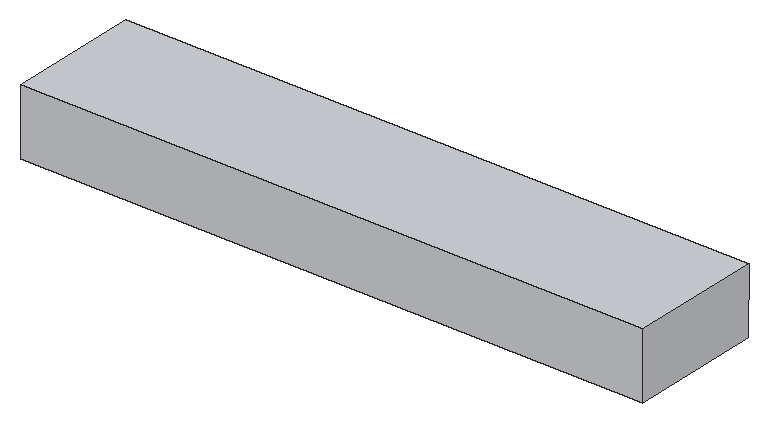
Revit family "族4", category 常规模型, Revit 2020
Family settings
  可将钢筋附着到主体 = 否
  圆形连接件大小 = 使用直径
  零件类型 = 标准
  基于工作平面 = 否
  总是垂直 = 是
  加载时剪切的空心 = 否
  共享 = 否
  房间计算点 = 否
Parameters (values of type "族1")
  默认高程 = 0 mm
  支吊架高度 [instance] = 649.551 mm
  宽度 [instance] = 1140.324 mm
Types (7): name
  族1
  -1.14332717424338*-3.84082567454474
  -1.14332717424337*2.69093400125539
  -1.14332717424338*-5.28317586845778
  -1.14332717424338*-3.27253024732768
  -0.867285507576687*0.593096627084481
  2
Reference planes
  plane 1 "中心(前/后)": y = 0
  plane 2: z = 0
  plane 3 "中心(左/右)": x = 0
  plane 4: x = -570.162
  plane 5: x = 570.162
  plane 6: z = 649.551
  plane 7: x = -470.162
  plane 8: x = 470.162
  plane 9: z = 100
Forms (mm)
  Extrusion 1, solid
    sketch origin (0, 0, 0) x (1, 0, 0) y (0, 0, 1)
      loop
        line (-470.162, 100) -> (-470.162, 0) -> (470.162, 0) -> (470.162, 100) -> (-470.162, 100)
    from -100 to 100
Dimensions and locks
  equal spacing: plane 5, plane 3 "中心(左/右)", plane 4
  "宽度": plane 5 to plane 4
  "支吊架高度": plane 6 to level
  plane 7 to plane 4 = 100 mm
  plane 5 to plane 8 = 100 mm
  plane 9 to level = 100 mm
  aligned and locked: level to plane 2
  aligned and locked: Extrusion 1 sketch curve to plane 7
  aligned and locked: Extrusion 1 to level
  aligned and locked: plane 9 to Extrusion 1
  aligned and locked: plane 8 to Extrusion 1
  aligned and locked: Extrusion 1 to plane 7
Automatic sketch dimensions
  Extrusion 1 sketch curve to plane 8 = 0 mm
  Extrusion 1 sketch curve to level = 0 mm
  Extrusion 1 sketch curve to plane 9 = 0 mm
